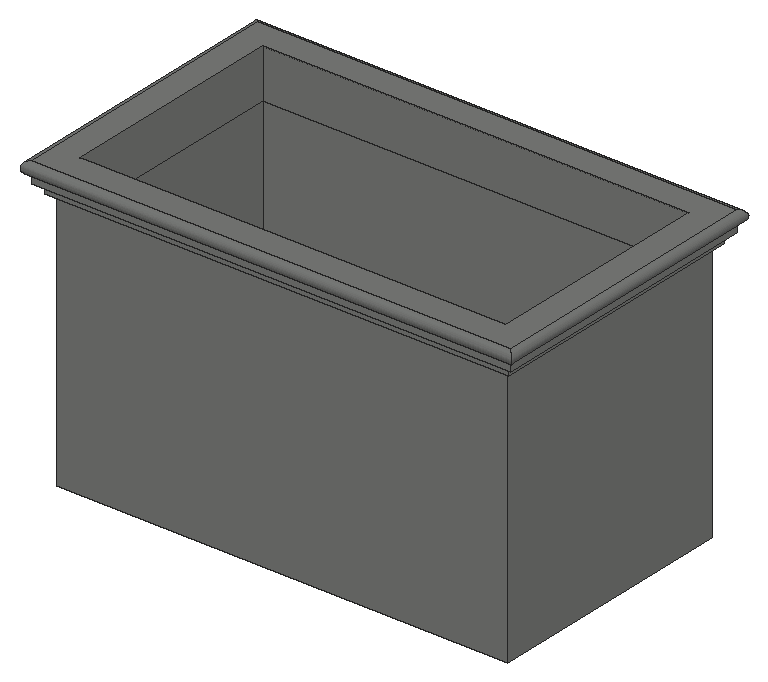
Revit family "Specialty_Equipment-Fiberglass_Planter-Planters_Unlimited-Tuscana Rectangular & Square", category Specialty Equipment, Revit 2023
Family settings
  Round Connector Dimension = Use Diameter
  Part Type = Normal
  OmniClass Number = 23.40.05.21.17
  OmniClass Title = Planters
  Work Plane-Based = No
  Enable Cutting in Views = No
  Always vertical = Yes
  Cut with Voids When Loaded = No
  Maintain Annotation Orientation = No
  Shared = No
  Room Calculation Point = No
Parameters (values of type "30"L x 18"W x 18"H")
  URL = "https://www.plantersunlimited.com"
  Type Comments = if(CD_Length = CD_Width, "Square Planter", "Rectangular Planter")  # "Rectangular Planter"
  Model = "Tuscana Series Planter"  # constant formula
  Manufacturer = "Planters Unlimited"  # constant formula
  Description = if(CD_Length = CD_Width, "Tuscana Square Planter", "Tuscana Rectangular Planter")  # "Tuscana Rectangular Planter"
  Default Elevation = 0.0"
  CD_Width = 18.0"
  CD_Specification = "https://www.plantersunlimited.com/content/Planters/F1-TUS-REC.pdf"
  CD_Product Page URL = "https://www.plantersunlimited.com/classic-rectangular-planter/"
  CD_Product Name [instance] = "Tuscana Planter"  # constant formula
  CD_Pad Spacing = 4.95"
  CD_Pad Size = 3.0"  # constant formula
  CD_OD = 0.37606"
  CD_Microsite = "https://www.caddetails.com/3404"
  CD_Height = 18.0"
  CD_Finish = Plastic-Fiberglass-Carlsbad-Semi_Gloss-Charcoal
  CD_Length = 30.0"
  CD_Divider Thickness = 0.39"
  CD_Divider = CD_Length > 50.0"  # no
  CD_Created By = "CADdetails LTD. 2025"  # constant formula
  Assembly Code = "G2050600"
Reference planes (in)
  plane 1 "Center (Front/Back)": y = 0
  plane 2: z = 0
  plane 3 "Center (Left/Right)": x = 0
  plane 4 "Right": x = 15
  plane 5 "Left": x = -15
  plane 6 "Back": y = 9
  plane 7 "Front": y = -9
  plane 8 "Top": z = 18
  plane 9 "Bottom": z = 0
  plane 10 "Bottom of Planter": z = 0.125
  plane 11 "Pad": z = 0.125
  plane 12 "Lip": y = 7
  plane 13 "Lip Depth": z = 15
  plane 14 "Pad1,2": x = -11.3
  plane 15 "Pad Back": y = 5.3
  plane 16 "Pad1,3": x = 0
  plane 17 "Pad1,4": x = 0
  plane 18 "Pad1,5": x = 0
  plane 19 "Pad5,6": x = 11.3
  plane 20 "Pad Front": y = -5.3
  plane 21 "Inner wall": y = 7.2
  plane 22 "Base Plate": z = 1
  plane 23: z = 1
  plane 24 "Base of the wall": z = 1
  plane 25 "Pad 3,4": x = 0
  plane 26 "Outer wall": y = 7.77322
  plane 27 "Design work": z = 16.17678
  plane 28 "Divider Edge Top Front": y = -7
  plane 29 "Divider Edge Top Back": y = 7
  plane 30 "Divider EdgevMiddle Front": y = -7.2
  plane 31 "Divider Edge Middle Back": y = 7.2
  plane 32 "Base of the Divider": z = 0.75
  plane 33 "Divider Depth": z = 15
  plane 34 "Divider Edge Left": x = -0.195
  plane 35 "Divider Edge Right": x = 0.195
Forms (in)
  Sweep 1, solid, material "Plastic-Fiberglass-Carlsbad-Semi_Gloss-Charcoal" <- "CD_Finish"
    path origin (0, 0, 0.125) x (-1, 0, 0) y (0, -1, 0)
      loop
        line (15, -9) -> (15, 9) -> (-15, 9) -> (-15, -9) -> (15, -9)
    profile origin (0, 9, 0.125) x (0, 1, 0) y (0, 0, 1)
      loop
        line (-2, 14.875) -> (-1.8, 14.875) -> (-1.8, 0) -> (-1.22678, 0) -> (-1.22678, 16.05178) -> (-0.8, 16.05178) -> (-0.8, 16.625) -> (-0.34669, 16.625) -> (-0.34669, 17.12288)
        arc (-0.34669, 17.12288) -> (0.02937, 17.49894) -> (-0.34669, 17.875) r 0.37606
        line (-0.34669, 17.875) -> (-2, 17.875) -> (-2, 14.875)
  Extrusion 2, solid, material "Plastic-Fiberglass-Carlsbad-Semi_Gloss-Charcoal" <- "CD_Finish"
    sketch origin (0, 0, 0.125) x (-1, 0, 0) y (0, -1, 0)
      loop
        line (13.5, -7.5) -> (13.5, 7.5) -> (-13.5, 7.5) -> (-13.5, -7.5) -> (13.5, -7.5)
    from 0 to 0.875
  Extrusion 3, solid, material "Plastic-Fiberglass-Carlsbad-Semi_Gloss-Charcoal" <- "CD_Finish"
    sketch origin (0, 0, 18) x (-1, 0, 0) y (0, -1, 0)
      loop
        line (12.8, -6.8) -> (12.8, -3.8) -> (9.8, -3.8) -> (9.8, -6.8) -> (12.8, -6.8)
    from -18 to -17.875
  Extrusion 4, solid, material "Plastic-Fiberglass-Carlsbad-Semi_Gloss-Charcoal" <- "CD_Finish"
    sketch origin (0, 0, 18) x (-1, 0, 0) y (0, -1, 0)
      loop
        line (1.5, -6.8) -> (1.5, -3.8) -> (-1.5, -3.8) -> (-1.5, -6.8) -> (1.5, -6.8)
    from -18 to -17.875
  Extrusion 5, solid, material "Plastic-Fiberglass-Carlsbad-Semi_Gloss-Charcoal" <- "CD_Finish"
    sketch origin (0, 0, 18) x (-1, 0, 0) y (0, -1, 0)
      loop
        line (-9.8, -6.8) -> (-9.8, -3.8) -> (-12.8, -3.8) -> (-12.8, -6.8) -> (-9.8, -6.8)
    from -18 to -17.875
  Extrusion 6, solid, material "Plastic-Fiberglass-Carlsbad-Semi_Gloss-Charcoal" <- "CD_Finish"
    sketch origin (0, 0, 18) x (-1, 0, 0) y (0, -1, 0)
      loop
        line (12.8, 6.8) -> (9.8, 6.8) -> (9.8, 3.8) -> (12.8, 3.8) -> (12.8, 6.8)
    from -18 to -17.875
  Extrusion 7, solid, material "Plastic-Fiberglass-Carlsbad-Semi_Gloss-Charcoal" <- "CD_Finish"
    sketch origin (0, 0, 18) x (-1, 0, 0) y (0, -1, 0)
      loop
        line (1.5, 6.8) -> (-1.5, 6.8) -> (-1.5, 3.8) -> (1.5, 3.8) -> (1.5, 6.8)
    from -18 to -17.875
  Extrusion 8, solid, material "Plastic-Fiberglass-Carlsbad-Semi_Gloss-Charcoal" <- "CD_Finish"
    sketch origin (0, 0, 18) x (-1, 0, 0) y (0, -1, 0)
      loop
        line (-9.8, 6.8) -> (-12.8, 6.8) -> (-12.8, 3.8) -> (-9.8, 3.8) -> (-9.8, 6.8)
    from -18 to -17.875
  Extrusion 9, solid, material "Plastic-Fiberglass-Carlsbad-Semi_Gloss-Charcoal" <- "CD_Finish", visible <- "CD_Divider", detail levels fine
    sketch origin (0, 0, 0) x (0, 1, 0) y (0, 0, 1)
      loop
        line (-7, 18) -> (-7, 15) -> (-7.2, 15) -> (-7.2, 1) -> (-7.2, 0.75) -> (7.2, 0.75) -> (7.2, 15) -> (7, 15) -> (7, 18) -> (-7, 18)
    from -0.195 to 0.195
Dimensions and locks (in)
  plane 10 "Bottom of Planter" to level = 0.125"
  plane 7 "Front" to plane 6 "Back" = 18.0"
  plane 7 "Front" to plane 1 "Center (Front/Back)" to plane 6 "Back" = 9.0", 9.0"
  locked: plane 6 "Back" to plane 12 "Lip" at 2
  locked: plane 8 "Top" to plane 13 "Lip Depth" at 3
  "CD_Length": plane 5 "Left" to plane 4 "Right"
  equal spacing: plane 5 "Left", plane 3 "Center (Left/Right)", plane 4 "Right"
  "CD_Width": plane 6 "Back" to plane 7 "Front"
  equal spacing: plane 6 "Back", plane 1 "Center (Front/Back)", plane 7 "Front"
  plane 5 "Left" to plane 14 "Pad1,2" = 3.7"
  locked: plane 6 "Back" to plane 15 "Pad Back" at 3.7
  "CD_Pad Size": Extrusion 3 sketch curve to Extrusion 3 sketch curve  (x2)
  equal spacing: Extrusion 3 sketch curve, plane 14 "Pad1,2", Extrusion 3 sketch curve, locked at 1.5 each
  equal spacing: Extrusion 3 sketch curve, plane 15 "Pad Back", Extrusion 3 sketch curve, locked at 1.5 each
  "CD_Pad Size": Extrusion 4 sketch curve to Extrusion 4 sketch curve  (x2)
  "CD_Pad Size": Extrusion 5 sketch curve to Extrusion 5 sketch curve  (x2)
  plane 19 "Pad5,6" to plane 4 "Right" = 3.7"
  locked: plane 20 "Pad Front" to plane 7 "Front" at 3.7
  "CD_Pad Size": Extrusion 6 sketch curve to Extrusion 6 sketch curve  (x2)
  "CD_Pad Size": Extrusion 7 sketch curve to Extrusion 7 sketch curve  (x2)
  "CD_Pad Size": Extrusion 8 sketch curve to Extrusion 8 sketch curve  (x2)
  plane 6 "Back" to plane 15 "Pad Back" = 3.7"
  plane 5 "Left" to plane 4 "Right" = 30.0"
  plane 8 "Top" to level = 18.0"  (x2)
  "CD_Height": plane 8 "Top" to level
  locked: plane 6 "Back" to plane 21 "Inner wall" at 1.8
  locked: plane 24 "Base of the wall" to level at 1
  locked: level to plane 11 "Pad" at 0.125
  plane 24 "Base of the wall" to level = 1.0"
  plane 8 "Top" to Sweep 1 = 3.0"
  plane 6 "Back" to Extrusion 3 sketch curve = 2.2"
  plane 5 "Left" to Extrusion 3 sketch curve = 2.2"
  equal spacing: Extrusion 4 sketch curve, plane 25 "Pad 3,4", Extrusion 4 sketch curve, locked at 1.5 each
  equal spacing: Extrusion 4 sketch curve, plane 15 "Pad Back", Extrusion 4 sketch curve, locked at 1.5 each
  plane 6 "Back" to Extrusion 4 sketch curve = 2.2"
  equal spacing: Extrusion 5 sketch curve, plane 19 "Pad5,6", Extrusion 5 sketch curve, locked at 1.5 each
  equal spacing: Extrusion 5 sketch curve, plane 15 "Pad Back", Extrusion 5 sketch curve, locked at 1.5 each
  plane 6 "Back" to Extrusion 5 sketch curve = 2.2"
  Extrusion 5 sketch curve to plane 4 "Right" = 2.2"
  equal spacing: Extrusion 8 sketch curve, plane 20 "Pad Front", Extrusion 8 sketch curve, locked at 1.5 each
  equal spacing: Extrusion 8 sketch curve, plane 19 "Pad5,6", Extrusion 8 sketch curve, locked at 1.5 each
  Extrusion 8 sketch curve to plane 7 "Front" = 2.2"
  Extrusion 8 sketch curve to plane 4 "Right" = 2.2"
  equal spacing: Extrusion 7 sketch curve, plane 25 "Pad 3,4", Extrusion 7 sketch curve, locked at 1.5 each
  equal spacing: Extrusion 7 sketch curve, plane 20 "Pad Front", Extrusion 7 sketch curve, locked at 1.5 each
  Extrusion 7 sketch curve to plane 7 "Front" = 2.2"
  equal spacing: Extrusion 6 sketch curve, plane 14 "Pad1,2", Extrusion 6 sketch curve, locked at 1.5 each
  equal spacing: Extrusion 6 sketch curve, plane 20 "Pad Front", Extrusion 6 sketch curve, locked at 1.5 each
  plane 5 "Left" to Extrusion 6 sketch curve = 2.2"
  Extrusion 6 sketch curve to plane 7 "Front" = 2.2"
  plane 20 "Pad Front" to plane 7 "Front" = 3.7"
  locked: plane 6 "Back" to Extrusion 2 sketch curve at 1.5
  locked: Extrusion 2 sketch curve to plane 7 "Front" at 1.5
  locked: plane 5 "Left" to Extrusion 2 sketch curve at 1.5
  locked: Extrusion 2 sketch curve to plane 4 "Right" at 1.5
  locked: plane 26 "Outer wall" to plane 6 "Back" at 1.22678
  locked: plane 8 "Top" to plane 27 "Design work" at 1.82322
  locked: plane 7 "Front" to plane 28 "Divider Edge Top Front" at 2
  locked: plane 29 "Divider Edge Top Back" to plane 6 "Back" at 2
  locked: plane 7 "Front" to plane 30 "Divider EdgevMiddle Front" at 1.8
  locked: plane 31 "Divider Edge Middle Back" to plane 6 "Back" at 1.8
  locked: plane 32 "Base of the Divider" to level at 0.75
  locked: plane 8 "Top" to plane 33 "Divider Depth" at 3
  equal spacing: plane 34 "Divider Edge Left", plane 3 "Center (Left/Right)", plane 35 "Divider Edge Right"
  locked: Sweep 1 sketch curve to plane 27 "Design work" at 0.57322
  locked: plane 26 "Outer wall" to Sweep 1 sketch curve at 0.88008
  locked: plane 26 "Outer wall" to Sweep 1 sketch curve at 0.42678
  "CD_Divider Thickness": plane 34 "Divider Edge Left" to plane 35 "Divider Edge Right"
  "CD_OD": radius of Sweep 1 sketch curve
  aligned and locked: plane 2 to level
  aligned and locked: plane 13 "Lip Depth" to Sweep 1 sketch curve
  aligned and locked: Extrusion 6 to plane 9 "Bottom"
  aligned and locked: Extrusion 7 to plane 9 "Bottom"
  aligned and locked: Extrusion 8 to plane 9 "Bottom"
  aligned and locked: Extrusion 6 to plane 10 "Bottom of Planter"
  aligned and locked: Extrusion 7 to plane 10 "Bottom of Planter"
  aligned and locked: Extrusion 8 to Extrusion 2
  aligned and locked: Extrusion 5 to plane 9 "Bottom"
  aligned and locked: Extrusion 4 to plane 9 "Bottom"
  aligned and locked: Extrusion 3 to plane 9 "Bottom"
  aligned and locked: Extrusion 5 to plane 10 "Bottom of Planter"
  aligned and locked: Extrusion 4 to plane 11 "Pad"
  aligned and locked: Extrusion 3 to plane 11 "Pad"
  aligned and locked: Extrusion 4 to plane 10 "Bottom of Planter"
  aligned and locked: Extrusion 2 to plane 24 "Base of the wall"
  aligned and locked: Sweep 1 sketch curve to profile plane
  aligned and locked: plane 26 "Outer wall" to Sweep 1 sketch curve
  aligned and locked: Sweep 1 sketch curve to plane 8 "Top"
  aligned and locked: plane 27 "Design work" to Sweep 1 sketch curve
  aligned and locked: Extrusion 9 sketch curve to plane 28 "Divider Edge Top Front"
  aligned and locked: plane 31 "Divider Edge Middle Back" to Extrusion 9 sketch curve
  aligned and locked: Extrusion 9 sketch curve to plane 30 "Divider EdgevMiddle Front"
  aligned and locked: Extrusion 9 sketch curve to plane 32 "Base of the Divider"
  aligned and locked: plane 8 "Top" to Extrusion 9 sketch curve
  aligned and locked: plane 33 "Divider Depth" to Extrusion 9 sketch curve  (x3)
  aligned and locked: Extrusion 9 to plane 34 "Divider Edge Left"
  aligned and locked: Extrusion 9 to plane 35 "Divider Edge Right"
  aligned and locked: plane 12 "Lip" to Sweep 1 sketch curve  (x2)
  aligned and locked: Sweep 1 to Extrusion 2
Automatic sketch dimensions
  Sweep 1 sketch curve to plane 4 "Right" = 0.0"
  Sweep 1 sketch curve to plane 5 "Left" = 0.0"
  Sweep 1 sketch curve to plane 6 "Back" = 0.0"
  Sweep 1 sketch curve to plane 7 "Front" = 0.0"
  Extrusion 9 sketch curve to plane 23 = 0.0"
  Sweep 1 sketch curve to plane 21 "Inner wall" = 0.0"
  Sweep 1 sketch curve to plane 13 "Lip Depth" = 0.0"
  Extrusion 9 sketch curve to plane 29 "Divider Edge Top Back" = 0.0"
Types in the file's own list only (419): name | Type Comments | Description | CD_Width | CD_Pad Spacing | CD_OD | CD_Height | CD_Length | CD_Divider Thickness | CD_Divider
  30"L x 18"W x 24"H | "Rectangular Planter" | "Tuscana Rectangular Planter" | 18.0" | 5.0" | 0.4" | 24.0" | 30.0" | 0.4" | No
  30"L x 18"W x 30"H | "Rectangular Planter" | "Tuscana Rectangular Planter" | 18.0" | 5.0" | 0.4" | 30.0" | 30.0" | 0.4" | No
  30"L x 18"W x 36"H | "Rectangular Planter" | "Tuscana Rectangular Planter" | 18.0" | 5.0" | 0.4" | 36.0" | 30.0" | 0.4" | No
  30"L x 18"W x 42"H | "Rectangular Planter" | "Tuscana Rectangular Planter" | 18.0" | 5.0" | 0.4" | 42.0" | 30.0" | 0.4" | No
  30"L x 18"W x 48"H | "Rectangular Planter" | "Tuscana Rectangular Planter" | 18.0" | 5.0" | 0.4" | 48.0" | 30.0" | 0.4" | No
  30"L x 24"W x 18"H | "Rectangular Planter" | "Tuscana Rectangular Planter" | 24.0" | 5.0" | 0.4" | 18.0" | 30.0" | 0.4" | No
  30"L x 24"W x 24"H | "Rectangular Planter" | "Tuscana Rectangular Planter" | 24.0" | 5.0" | 0.4" | 24.0" | 30.0" | 0.4" | No
  30"L x 24"W x 30"H | "Rectangular Planter" | "Tuscana Rectangular Planter" | 24.0" | 5.0" | 0.4" | 30.0" | 30.0" | 0.4" | No
  30"L x 24"W x 36"H | "Rectangular Planter" | "Tuscana Rectangular Planter" | 24.0" | 5.0" | 0.4" | 36.0" | 30.0" | 0.4" | No
  30"L x 24"W x 42"H | "Rectangular Planter" | "Tuscana Rectangular Planter" | 24.0" | 5.0" | 0.4" | 42.0" | 30.0" | 0.4" | No
  30"L x 24"W x 48"H | "Rectangular Planter" | "Tuscana Rectangular Planter" | 24.0" | 5.0" | 0.4" | 48.0" | 30.0" | 0.4" | No
  30"L x 30"W x 18"H | "Square Planter" | "Tuscana Square Planter" | 30.0" | 5.0" | 0.4" | 18.0" | 30.0" | 0.4" | No
  30"L x 30"W x 24"H | "Square Planter" | "Tuscana Square Planter" | 30.0" | 5.0" | 0.4" | 24.0" | 30.0" | 0.4" | No
  30"L x 30"W x 30"H | "Square Planter" | "Tuscana Square Planter" | 30.0" | 5.0" | 0.4" | 30.0" | 30.0" | 0.4" | No
  30"L x 30"W x 36"H | "Square Planter" | "Tuscana Square Planter" | 30.0" | 5.0" | 0.4" | 36.0" | 30.0" | 0.4" | No
  30"L x 30"W x 42"H | "Square Planter" | "Tuscana Square Planter" | 30.0" | 5.0" | 0.4" | 42.0" | 30.0" | 0.4" | No
  30"L x 30"W x 48"H | "Square Planter" | "Tuscana Square Planter" | 30.0" | 5.0" | 0.4" | 48.0" | 30.0" | 0.4" | No
  30"L x 36"W x 18"H | "Rectangular Planter" | "Tuscana Rectangular Planter" | 36.0" | 5.0" | 0.4" | 18.0" | 30.0" | 0.4" | No
  30"L x 36"W x 24"H | "Rectangular Planter" | "Tuscana Rectangular Planter" | 36.0" | 5.0" | 0.4" | 24.0" | 30.0" | 0.4" | No
  30"L x 36"W x 30"H | "Rectangular Planter" | "Tuscana Rectangular Planter" | 36.0" | 5.0" | 0.4" | 30.0" | 30.0" | 0.4" | No
  30"L x 36"W x 36"H | "Rectangular Planter" | "Tuscana Rectangular Planter" | 36.0" | 5.0" | 0.4" | 36.0" | 30.0" | 0.4" | No
  30"L x 36"W x 42"H | "Rectangular Planter" | "Tuscana Rectangular Planter" | 36.0" | 5.0" | 0.4" | 42.0" | 30.0" | 0.4" | No
  30"L x 36"W x 48"H | "Rectangular Planter" | "Tuscana Rectangular Planter" | 36.0" | 5.0" | 0.4" | 48.0" | 30.0" | 0.4" | No
  30"L x 42"W x 18"H | "Rectangular Planter" | "Tuscana Rectangular Planter" | 42.0" | 5.0" | 0.4" | 18.0" | 30.0" | 0.4" | No
  30"L x 42"W x 24"H | "Rectangular Planter" | "Tuscana Rectangular Planter" | 42.0" | 5.0" | 0.4" | 24.0" | 30.0" | 0.4" | No
  30"L x 42"W x 30"H | "Rectangular Planter" | "Tuscana Rectangular Planter" | 42.0" | 5.0" | 0.4" | 30.0" | 30.0" | 0.4" | No
  30"L x 42"W x 36"H | "Rectangular Planter" | "Tuscana Rectangular Planter" | 42.0" | 5.0" | 0.4" | 36.0" | 30.0" | 0.4" | No
  30"L x 42"W x 42"H | "Rectangular Planter" | "Tuscana Rectangular Planter" | 42.0" | 5.0" | 0.4" | 42.0" | 30.0" | 0.4" | No
  30"L x 42"W x 48"H | "Rectangular Planter" | "Tuscana Rectangular Planter" | 42.0" | 5.0" | 0.4" | 48.0" | 30.0" | 0.4" | No
  36"L x 18"W x 18"H | "Rectangular Planter" | "Tuscana Rectangular Planter" | 18.0" | 5.0" | 0.4" | 18.0" | 36.0" | 0.4" | No
  36"L x 18"W x 24"H | "Rectangular Planter" | "Tuscana Rectangular Planter" | 18.0" | 5.0" | 0.4" | 24.0" | 36.0" | 0.4" | No
  36"L x 18"W x 30"H | "Rectangular Planter" | "Tuscana Rectangular Planter" | 18.0" | 5.0" | 0.4" | 30.0" | 36.0" | 0.4" | No
  36"L x 18"W x 36"H | "Rectangular Planter" | "Tuscana Rectangular Planter" | 18.0" | 5.0" | 0.4" | 36.0" | 36.0" | 0.4" | No
  36"L x 18"W x 42"H | "Rectangular Planter" | "Tuscana Rectangular Planter" | 18.0" | 5.0" | 0.4" | 42.0" | 36.0" | 0.4" | No
  36"L x 18"W x 48"H | "Rectangular Planter" | "Tuscana Rectangular Planter" | 18.0" | 5.0" | 0.4" | 48.0" | 36.0" | 0.4" | No
  36"L x 24"W x 18"H | "Rectangular Planter" | "Tuscana Rectangular Planter" | 24.0" | 5.0" | 0.4" | 18.0" | 36.0" | 0.4" | No
  36"L x 24"W x 24"H | "Rectangular Planter" | "Tuscana Rectangular Planter" | 24.0" | 5.0" | 0.4" | 24.0" | 36.0" | 0.4" | No
  36"L x 24"W x 30"H | "Rectangular Planter" | "Tuscana Rectangular Planter" | 24.0" | 5.0" | 0.4" | 30.0" | 36.0" | 0.4" | No
  36"L x 24"W x 36"H | "Rectangular Planter" | "Tuscana Rectangular Planter" | 24.0" | 5.0" | 0.4" | 36.0" | 36.0" | 0.4" | No
  36"L x 24"W x 42"H | "Rectangular Planter" | "Tuscana Rectangular Planter" | 24.0" | 5.0" | 0.4" | 42.0" | 36.0" | 0.4" | No
  36"L x 24"W x 48"H | "Rectangular Planter" | "Tuscana Rectangular Planter" | 24.0" | 5.0" | 0.4" | 48.0" | 36.0" | 0.4" | No
  36"L x 30"W x 18"H | "Rectangular Planter" | "Tuscana Rectangular Planter" | 30.0" | 5.0" | 0.4" | 18.0" | 36.0" | 0.4" | No
  36"L x 30"W x 24"H | "Rectangular Planter" | "Tuscana Rectangular Planter" | 30.0" | 5.0" | 0.4" | 24.0" | 36.0" | 0.4" | No
  36"L x 30"W x 30"H | "Rectangular Planter" | "Tuscana Rectangular Planter" | 30.0" | 5.0" | 0.4" | 30.0" | 36.0" | 0.4" | No
  36"L x 30"W x 36"H | "Rectangular Planter" | "Tuscana Rectangular Planter" | 30.0" | 5.0" | 0.4" | 36.0" | 36.0" | 0.4" | No
  36"L x 30"W x 42"H | "Rectangular Planter" | "Tuscana Rectangular Planter" | 30.0" | 5.0" | 0.4" | 42.0" | 36.0" | 0.4" | No
  36"L x 30"W x 48"H | "Rectangular Planter" | "Tuscana Rectangular Planter" | 30.0" | 5.0" | 0.4" | 48.0" | 36.0" | 0.4" | No
  36"L x 36"W x 18"H | "Square Planter" | "Tuscana Square Planter" | 36.0" | 5.0" | 0.4" | 18.0" | 36.0" | 0.4" | No
  36"L x 36"W x 24"H | "Square Planter" | "Tuscana Square Planter" | 36.0" | 5.0" | 0.4" | 24.0" | 36.0" | 0.4" | No
  36"L x 36"W x 30"H | "Square Planter" | "Tuscana Square Planter" | 36.0" | 5.0" | 0.4" | 30.0" | 36.0" | 0.4" | No
  36"L x 36"W x 36"H | "Square Planter" | "Tuscana Square Planter" | 36.0" | 5.0" | 0.4" | 36.0" | 36.0" | 0.4" | No
  36"L x 36"W x 42"H | "Square Planter" | "Tuscana Square Planter" | 36.0" | 5.0" | 0.4" | 42.0" | 36.0" | 0.4" | No
  36"L x 36"W x 48"H | "Square Planter" | "Tuscana Square Planter" | 36.0" | 5.0" | 0.4" | 48.0" | 36.0" | 0.4" | No
  36"L x 42"W x 18"H | "Rectangular Planter" | "Tuscana Rectangular Planter" | 42.0" | 5.0" | 0.4" | 18.0" | 36.0" | 0.4" | No
  36"L x 42"W x 24"H | "Rectangular Planter" | "Tuscana Rectangular Planter" | 42.0" | 5.0" | 0.4" | 24.0" | 36.0" | 0.4" | No
  36"L x 42"W x 30"H | "Rectangular Planter" | "Tuscana Rectangular Planter" | 42.0" | 5.0" | 0.4" | 30.0" | 36.0" | 0.4" | No
  36"L x 42"W x 36"H | "Rectangular Planter" | "Tuscana Rectangular Planter" | 42.0" | 5.0" | 0.4" | 36.0" | 36.0" | 0.4" | No
  36"L x 42"W x 42"H | "Rectangular Planter" | "Tuscana Rectangular Planter" | 42.0" | 5.0" | 0.4" | 42.0" | 36.0" | 0.4" | No
  36"L x 42"W x 48"H | "Rectangular Planter" | "Tuscana Rectangular Planter" | 42.0" | 5.0" | 0.4" | 48.0" | 36.0" | 0.4" | No
  42"L x 18"W x 18"H | "Rectangular Planter" | "Tuscana Rectangular Planter" | 18.0" | 5.0" | 0.4" | 18.0" | 42.0" | 0.4" | No
  42"L x 18"W x 24"H | "Rectangular Planter" | "Tuscana Rectangular Planter" | 18.0" | 5.0" | 0.4" | 24.0" | 42.0" | 0.4" | No
  42"L x 18"W x 30"H | "Rectangular Planter" | "Tuscana Rectangular Planter" | 18.0" | 5.0" | 0.4" | 30.0" | 42.0" | 0.4" | No
  42"L x 18"W x 36"H | "Rectangular Planter" | "Tuscana Rectangular Planter" | 18.0" | 5.0" | 0.4" | 36.0" | 42.0" | 0.4" | No
  42"L x 18"W x 42"H | "Rectangular Planter" | "Tuscana Rectangular Planter" | 18.0" | 5.0" | 0.4" | 42.0" | 42.0" | 0.4" | No
  42"L x 18"W x 48"H | "Rectangular Planter" | "Tuscana Rectangular Planter" | 18.0" | 5.0" | 0.4" | 48.0" | 42.0" | 0.4" | No
  42"L x 24"W x 18"H | "Rectangular Planter" | "Tuscana Rectangular Planter" | 24.0" | 5.0" | 0.4" | 18.0" | 42.0" | 0.4" | No
  42"L x 24"W x 24"H | "Rectangular Planter" | "Tuscana Rectangular Planter" | 24.0" | 5.0" | 0.4" | 24.0" | 42.0" | 0.4" | No
  42"L x 24"W x 30"H | "Rectangular Planter" | "Tuscana Rectangular Planter" | 24.0" | 5.0" | 0.4" | 30.0" | 42.0" | 0.4" | No
  42"L x 24"W x 36"H | "Rectangular Planter" | "Tuscana Rectangular Planter" | 24.0" | 5.0" | 0.4" | 36.0" | 42.0" | 0.4" | No
  42"L x 24"W x 42"H | "Rectangular Planter" | "Tuscana Rectangular Planter" | 24.0" | 5.0" | 0.4" | 42.0" | 42.0" | 0.4" | No
  42"L x 24"W x 48"H | "Rectangular Planter" | "Tuscana Rectangular Planter" | 24.0" | 5.0" | 0.4" | 48.0" | 42.0" | 0.4" | No
  42"L x 30"W x 18"H | "Rectangular Planter" | "Tuscana Rectangular Planter" | 30.0" | 5.0" | 0.4" | 18.0" | 42.0" | 0.4" | No
  42"L x 30"W x 24"H | "Rectangular Planter" | "Tuscana Rectangular Planter" | 30.0" | 5.0" | 0.4" | 24.0" | 42.0" | 0.4" | No
  42"L x 30"W x 30"H | "Rectangular Planter" | "Tuscana Rectangular Planter" | 30.0" | 5.0" | 0.4" | 30.0" | 42.0" | 0.4" | No
  42"L x 30"W x 36"H | "Rectangular Planter" | "Tuscana Rectangular Planter" | 30.0" | 5.0" | 0.4" | 36.0" | 42.0" | 0.4" | No
  42"L x 30"W x 42"H | "Rectangular Planter" | "Tuscana Rectangular Planter" | 30.0" | 5.0" | 0.4" | 42.0" | 42.0" | 0.4" | No
  42"L x 30"W x 48"H | "Rectangular Planter" | "Tuscana Rectangular Planter" | 30.0" | 5.0" | 0.4" | 48.0" | 42.0" | 0.4" | No
  42"L x 36"W x 18"H | "Rectangular Planter" | "Tuscana Rectangular Planter" | 36.0" | 5.0" | 0.4" | 18.0" | 42.0" | 0.4" | No
  42"L x 36"W x 24"H | "Rectangular Planter" | "Tuscana Rectangular Planter" | 36.0" | 5.0" | 0.4" | 24.0" | 42.0" | 0.4" | No
  42"L x 36"W x 30"H | "Rectangular Planter" | "Tuscana Rectangular Planter" | 36.0" | 5.0" | 0.4" | 30.0" | 42.0" | 0.4" | No
  42"L x 36"W x 36"H | "Rectangular Planter" | "Tuscana Rectangular Planter" | 36.0" | 5.0" | 0.4" | 36.0" | 42.0" | 0.4" | No
  42"L x 36"W x 42"H | "Rectangular Planter" | "Tuscana Rectangular Planter" | 36.0" | 5.0" | 0.4" | 42.0" | 42.0" | 0.4" | No
  42"L x 36"W x 48"H | "Rectangular Planter" | "Tuscana Rectangular Planter" | 36.0" | 5.0" | 0.4" | 48.0" | 42.0" | 0.4" | No
  42"L x 42"W x 18"H | "Square Planter" | "Tuscana Square Planter" | 42.0" | 5.0" | 0.4" | 18.0" | 42.0" | 0.4" | No
  42"L x 42"W x 24"H | "Square Planter" | "Tuscana Square Planter" | 42.0" | 5.0" | 0.4" | 24.0" | 42.0" | 0.4" | No
  42"L x 42"W x 30"H | "Square Planter" | "Tuscana Square Planter" | 42.0" | 5.0" | 0.4" | 30.0" | 42.0" | 0.4" | No
  42"L x 42"W x 36"H | "Square Planter" | "Tuscana Square Planter" | 42.0" | 5.0" | 0.4" | 36.0" | 42.0" | 0.4" | No
  42"L x 42"W x 42"H | "Square Planter" | "Tuscana Square Planter" | 42.0" | 5.0" | 0.4" | 42.0" | 42.0" | 0.4" | No
  42"L x 42"W x 48"H | "Square Planter" | "Tuscana Square Planter" | 42.0" | 5.0" | 0.4" | 48.0" | 42.0" | 0.4" | No
  48"L x 18"W x 18"H | "Rectangular Planter" | "Tuscana Rectangular Planter" | 18.0" | 5.0" | 0.4" | 18.0" | 48.0" | 0.4" | No
  48"L x 18"W x 24"H | "Rectangular Planter" | "Tuscana Rectangular Planter" | 18.0" | 5.0" | 0.4" | 24.0" | 48.0" | 0.4" | No
  48"L x 18"W x 30"H | "Rectangular Planter" | "Tuscana Rectangular Planter" | 18.0" | 5.0" | 0.4" | 30.0" | 48.0" | 0.4" | No
  48"L x 18"W x 36"H | "Rectangular Planter" | "Tuscana Rectangular Planter" | 18.0" | 5.0" | 0.4" | 36.0" | 48.0" | 0.4" | No
  48"L x 18"W x 42"H | "Rectangular Planter" | "Tuscana Rectangular Planter" | 18.0" | 5.0" | 0.4" | 42.0" | 48.0" | 0.4" | No
  48"L x 18"W x 48"H | "Rectangular Planter" | "Tuscana Rectangular Planter" | 18.0" | 5.0" | 0.4" | 48.0" | 48.0" | 0.4" | No
  48"L x 24"W x 18"H | "Rectangular Planter" | "Tuscana Rectangular Planter" | 24.0" | 5.0" | 0.4" | 18.0" | 48.0" | 0.4" | No
  48"L x 24"W x 24"H | "Rectangular Planter" | "Tuscana Rectangular Planter" | 24.0" | 5.0" | 0.4" | 24.0" | 48.0" | 0.4" | No
  48"L x 24"W x 30"H | "Rectangular Planter" | "Tuscana Rectangular Planter" | 24.0" | 5.0" | 0.4" | 30.0" | 48.0" | 0.4" | No
  48"L x 24"W x 36"H | "Rectangular Planter" | "Tuscana Rectangular Planter" | 24.0" | 5.0" | 0.4" | 36.0" | 48.0" | 0.4" | No
  48"L x 24"W x 42"H | "Rectangular Planter" | "Tuscana Rectangular Planter" | 24.0" | 5.0" | 0.4" | 42.0" | 48.0" | 0.4" | No
  48"L x 24"W x 48"H | "Rectangular Planter" | "Tuscana Rectangular Planter" | 24.0" | 5.0" | 0.4" | 48.0" | 48.0" | 0.4" | No
  48"L x 30"W x 18"H | "Rectangular Planter" | "Tuscana Rectangular Planter" | 30.0" | 5.0" | 0.4" | 18.0" | 48.0" | 0.4" | No
  48"L x 30"W x 24"H | "Rectangular Planter" | "Tuscana Rectangular Planter" | 30.0" | 5.0" | 0.4" | 24.0" | 48.0" | 0.4" | No
  48"L x 30"W x 30"H | "Rectangular Planter" | "Tuscana Rectangular Planter" | 30.0" | 5.0" | 0.4" | 30.0" | 48.0" | 0.4" | No
  48"L x 30"W x 36"H | "Rectangular Planter" | "Tuscana Rectangular Planter" | 30.0" | 5.0" | 0.4" | 36.0" | 48.0" | 0.4" | No
  48"L x 30"W x 42"H | "Rectangular Planter" | "Tuscana Rectangular Planter" | 30.0" | 5.0" | 0.4" | 42.0" | 48.0" | 0.4" | No
  48"L x 30"W x 48"H | "Rectangular Planter" | "Tuscana Rectangular Planter" | 30.0" | 5.0" | 0.4" | 48.0" | 48.0" | 0.4" | No
  48"L x 36"W x 18"H | "Rectangular Planter" | "Tuscana Rectangular Planter" | 36.0" | 5.0" | 0.4" | 18.0" | 48.0" | 0.4" | No
  48"L x 36"W x 24"H | "Rectangular Planter" | "Tuscana Rectangular Planter" | 36.0" | 5.0" | 0.4" | 24.0" | 48.0" | 0.4" | No
  48"L x 36"W x 30"H | "Rectangular Planter" | "Tuscana Rectangular Planter" | 36.0" | 5.0" | 0.4" | 30.0" | 48.0" | 0.4" | No
  48"L x 36"W x 36"H | "Rectangular Planter" | "Tuscana Rectangular Planter" | 36.0" | 5.0" | 0.4" | 36.0" | 48.0" | 0.4" | No
  48"L x 36"W x 42"H | "Rectangular Planter" | "Tuscana Rectangular Planter" | 36.0" | 5.0" | 0.4" | 42.0" | 48.0" | 0.4" | No
  48"L x 36"W x 48"H | "Rectangular Planter" | "Tuscana Rectangular Planter" | 36.0" | 5.0" | 0.4" | 48.0" | 48.0" | 0.4" | No
  48"L x 42"W x 18"H | "Rectangular Planter" | "Tuscana Rectangular Planter" | 42.0" | 5.0" | 0.4" | 18.0" | 48.0" | 0.4" | No
  48"L x 42"W x 24"H | "Rectangular Planter" | "Tuscana Rectangular Planter" | 42.0" | 5.0" | 0.4" | 24.0" | 48.0" | 0.4" | No
  48"L x 42"W x 30"H | "Rectangular Planter" | "Tuscana Rectangular Planter" | 42.0" | 5.0" | 0.4" | 30.0" | 48.0" | 0.4" | No
  48"L x 42"W x 36"H | "Rectangular Planter" | "Tuscana Rectangular Planter" | 42.0" | 5.0" | 0.4" | 36.0" | 48.0" | 0.4" | No
  48"L x 42"W x 42"H | "Rectangular Planter" | "Tuscana Rectangular Planter" | 42.0" | 5.0" | 0.4" | 42.0" | 48.0" | 0.4" | No
  48"L x 42"W x 48"H | "Rectangular Planter" | "Tuscana Rectangular Planter" | 42.0" | 5.0" | 0.4" | 48.0" | 48.0" | 0.4" | No
  54"L x 18"W x 18"H | "Rectangular Planter" | "Tuscana Rectangular Planter" | 18.0" | 5.0" | 0.4" | 18.0" | 54.0" | 0.4" | Yes
  54"L x 18"W x 24"H | "Rectangular Planter" | "Tuscana Rectangular Planter" | 18.0" | 5.0" | 0.4" | 24.0" | 54.0" | 0.4" | Yes
  54"L x 18"W x 30"H | "Rectangular Planter" | "Tuscana Rectangular Planter" | 18.0" | 5.0" | 0.4" | 30.0" | 54.0" | 0.4" | Yes
  54"L x 18"W x 36"H | "Rectangular Planter" | "Tuscana Rectangular Planter" | 18.0" | 5.0" | 0.4" | 36.0" | 54.0" | 0.4" | Yes
  54"L x 18"W x 42"H | "Rectangular Planter" | "Tuscana Rectangular Planter" | 18.0" | 5.0" | 0.4" | 42.0" | 54.0" | 0.4" | Yes
  54"L x 18"W x 48"H | "Rectangular Planter" | "Tuscana Rectangular Planter" | 18.0" | 5.0" | 0.4" | 48.0" | 54.0" | 0.4" | Yes
  54"L x 24"W x 18"H | "Rectangular Planter" | "Tuscana Rectangular Planter" | 24.0" | 5.0" | 0.4" | 18.0" | 54.0" | 0.4" | Yes
  54"L x 24"W x 24"H | "Rectangular Planter" | "Tuscana Rectangular Planter" | 24.0" | 5.0" | 0.4" | 24.0" | 54.0" | 0.4" | Yes
  54"L x 24"W x 30"H | "Rectangular Planter" | "Tuscana Rectangular Planter" | 24.0" | 5.0" | 0.4" | 30.0" | 54.0" | 0.4" | Yes
  54"L x 24"W x 36"H | "Rectangular Planter" | "Tuscana Rectangular Planter" | 24.0" | 5.0" | 0.4" | 36.0" | 54.0" | 0.4" | Yes
  54"L x 24"W x 42"H | "Rectangular Planter" | "Tuscana Rectangular Planter" | 24.0" | 5.0" | 0.4" | 42.0" | 54.0" | 0.4" | Yes
  54"L x 24"W x 48"H | "Rectangular Planter" | "Tuscana Rectangular Planter" | 24.0" | 5.0" | 0.4" | 48.0" | 54.0" | 0.4" | Yes
  54"L x 30"W x 18"H | "Rectangular Planter" | "Tuscana Rectangular Planter" | 30.0" | 5.0" | 0.4" | 18.0" | 54.0" | 0.4" | Yes
  54"L x 30"W x 24"H | "Rectangular Planter" | "Tuscana Rectangular Planter" | 30.0" | 5.0" | 0.4" | 24.0" | 54.0" | 0.4" | Yes
  54"L x 30"W x 30"H | "Rectangular Planter" | "Tuscana Rectangular Planter" | 30.0" | 5.0" | 0.4" | 30.0" | 54.0" | 0.4" | Yes
  54"L x 30"W x 36"H | "Rectangular Planter" | "Tuscana Rectangular Planter" | 30.0" | 5.0" | 0.4" | 36.0" | 54.0" | 0.4" | Yes
  54"L x 30"W x 42"H | "Rectangular Planter" | "Tuscana Rectangular Planter" | 30.0" | 5.0" | 0.4" | 42.0" | 54.0" | 0.4" | Yes
  54"L x 30"W x 48"H | "Rectangular Planter" | "Tuscana Rectangular Planter" | 30.0" | 5.0" | 0.4" | 48.0" | 54.0" | 0.4" | Yes
  54"L x 36"W x 18"H | "Rectangular Planter" | "Tuscana Rectangular Planter" | 36.0" | 5.0" | 0.4" | 18.0" | 54.0" | 0.4" | Yes
  54"L x 36"W x 24"H | "Rectangular Planter" | "Tuscana Rectangular Planter" | 36.0" | 5.0" | 0.4" | 24.0" | 54.0" | 0.4" | Yes
  54"L x 36"W x 30"H | "Rectangular Planter" | "Tuscana Rectangular Planter" | 36.0" | 5.0" | 0.4" | 30.0" | 54.0" | 0.4" | Yes
  54"L x 36"W x 36"H | "Rectangular Planter" | "Tuscana Rectangular Planter" | 36.0" | 5.0" | 0.4" | 36.0" | 54.0" | 0.4" | Yes
  54"L x 36"W x 42"H | "Rectangular Planter" | "Tuscana Rectangular Planter" | 36.0" | 5.0" | 0.4" | 42.0" | 54.0" | 0.4" | Yes
  54"L x 36"W x 48"H | "Rectangular Planter" | "Tuscana Rectangular Planter" | 36.0" | 5.0" | 0.4" | 48.0" | 54.0" | 0.4" | Yes
  54"L x 42"W x 18"H | "Rectangular Planter" | "Tuscana Rectangular Planter" | 42.0" | 5.0" | 0.4" | 18.0" | 54.0" | 0.4" | Yes
  54"L x 42"W x 24"H | "Rectangular Planter" | "Tuscana Rectangular Planter" | 42.0" | 5.0" | 0.4" | 24.0" | 54.0" | 0.4" | Yes
  54"L x 42"W x 30"H | "Rectangular Planter" | "Tuscana Rectangular Planter" | 42.0" | 5.0" | 0.4" | 30.0" | 54.0" | 0.4" | Yes
  54"L x 42"W x 36"H | "Rectangular Planter" | "Tuscana Rectangular Planter" | 42.0" | 5.0" | 0.4" | 36.0" | 54.0" | 0.4" | Yes
  54"L x 42"W x 42"H | "Rectangular Planter" | "Tuscana Rectangular Planter" | 42.0" | 5.0" | 0.4" | 42.0" | 54.0" | 0.4" | Yes
  54"L x 42"W x 48"H | "Rectangular Planter" | "Tuscana Rectangular Planter" | 42.0" | 5.0" | 0.4" | 48.0" | 54.0" | 0.4" | Yes
  60"L x 18"W x 18"H | "Rectangular Planter" | "Tuscana Rectangular Planter" | 18.0" | 5.0" | 0.4" | 18.0" | 60.0" | 0.4" | Yes
  60"L x 18"W x 24"H | "Rectangular Planter" | "Tuscana Rectangular Planter" | 18.0" | 5.0" | 0.4" | 24.0" | 60.0" | 0.4" | Yes
  60"L x 18"W x 30"H | "Rectangular Planter" | "Tuscana Rectangular Planter" | 18.0" | 5.0" | 0.4" | 30.0" | 60.0" | 0.4" | Yes
  60"L x 18"W x 36"H | "Rectangular Planter" | "Tuscana Rectangular Planter" | 18.0" | 5.0" | 0.4" | 36.0" | 60.0" | 0.4" | Yes
  60"L x 18"W x 42"H | "Rectangular Planter" | "Tuscana Rectangular Planter" | 18.0" | 5.0" | 0.4" | 42.0" | 60.0" | 0.4" | Yes
  60"L x 18"W x 48"H | "Rectangular Planter" | "Tuscana Rectangular Planter" | 18.0" | 5.0" | 0.4" | 48.0" | 60.0" | 0.4" | Yes
  60"L x 24"W x 18"H | "Rectangular Planter" | "Tuscana Rectangular Planter" | 24.0" | 5.0" | 0.4" | 18.0" | 60.0" | 0.4" | Yes
  60"L x 24"W x 24"H | "Rectangular Planter" | "Tuscana Rectangular Planter" | 24.0" | 5.0" | 0.4" | 24.0" | 60.0" | 0.4" | Yes
  60"L x 24"W x 30"H | "Rectangular Planter" | "Tuscana Rectangular Planter" | 24.0" | 5.0" | 0.4" | 30.0" | 60.0" | 0.4" | Yes
  60"L x 24"W x 36"H | "Rectangular Planter" | "Tuscana Rectangular Planter" | 24.0" | 5.0" | 0.4" | 36.0" | 60.0" | 0.4" | Yes
  60"L x 24"W x 42"H | "Rectangular Planter" | "Tuscana Rectangular Planter" | 24.0" | 5.0" | 0.4" | 42.0" | 60.0" | 0.4" | Yes
  60"L x 24"W x 48"H | "Rectangular Planter" | "Tuscana Rectangular Planter" | 24.0" | 5.0" | 0.4" | 48.0" | 60.0" | 0.4" | Yes
  60"L x 30"W x 18"H | "Rectangular Planter" | "Tuscana Rectangular Planter" | 30.0" | 5.0" | 0.4" | 18.0" | 60.0" | 0.4" | Yes
  60"L x 30"W x 24"H | "Rectangular Planter" | "Tuscana Rectangular Planter" | 30.0" | 5.0" | 0.4" | 24.0" | 60.0" | 0.4" | Yes
  60"L x 30"W x 30"H | "Rectangular Planter" | "Tuscana Rectangular Planter" | 30.0" | 5.0" | 0.4" | 30.0" | 60.0" | 0.4" | Yes
  60"L x 30"W x 36"H | "Rectangular Planter" | "Tuscana Rectangular Planter" | 30.0" | 5.0" | 0.4" | 36.0" | 60.0" | 0.4" | Yes
  60"L x 30"W x 42"H | "Rectangular Planter" | "Tuscana Rectangular Planter" | 30.0" | 5.0" | 0.4" | 42.0" | 60.0" | 0.4" | Yes
  60"L x 30"W x 48"H | "Rectangular Planter" | "Tuscana Rectangular Planter" | 30.0" | 5.0" | 0.4" | 48.0" | 60.0" | 0.4" | Yes
  60"L x 36"W x 18"H | "Rectangular Planter" | "Tuscana Rectangular Planter" | 36.0" | 5.0" | 0.4" | 18.0" | 60.0" | 0.4" | Yes
  60"L x 36"W x 24"H | "Rectangular Planter" | "Tuscana Rectangular Planter" | 36.0" | 5.0" | 0.4" | 24.0" | 60.0" | 0.4" | Yes
  60"L x 36"W x 30"H | "Rectangular Planter" | "Tuscana Rectangular Planter" | 36.0" | 5.0" | 0.4" | 30.0" | 60.0" | 0.4" | Yes
  60"L x 36"W x 36"H | "Rectangular Planter" | "Tuscana Rectangular Planter" | 36.0" | 5.0" | 0.4" | 36.0" | 60.0" | 0.4" | Yes
  60"L x 36"W x 42"H | "Rectangular Planter" | "Tuscana Rectangular Planter" | 36.0" | 5.0" | 0.4" | 42.0" | 60.0" | 0.4" | Yes
  60"L x 36"W x 48"H | "Rectangular Planter" | "Tuscana Rectangular Planter" | 36.0" | 5.0" | 0.4" | 48.0" | 60.0" | 0.4" | Yes
  60"L x 42"W x 18"H | "Rectangular Planter" | "Tuscana Rectangular Planter" | 42.0" | 5.0" | 0.4" | 18.0" | 60.0" | 0.4" | Yes
  60"L x 42"W x 24"H | "Rectangular Planter" | "Tuscana Rectangular Planter" | 42.0" | 5.0" | 0.4" | 24.0" | 60.0" | 0.4" | Yes
  60"L x 42"W x 30"H | "Rectangular Planter" | "Tuscana Rectangular Planter" | 42.0" | 5.0" | 0.4" | 30.0" | 60.0" | 0.4" | Yes
  60"L x 42"W x 36"H | "Rectangular Planter" | "Tuscana Rectangular Planter" | 42.0" | 5.0" | 0.4" | 36.0" | 60.0" | 0.4" | Yes
  60"L x 42"W x 42"H | "Rectangular Planter" | "Tuscana Rectangular Planter" | 42.0" | 5.0" | 0.4" | 42.0" | 60.0" | 0.4" | Yes
  60"L x 42"W x 48"H | "Rectangular Planter" | "Tuscana Rectangular Planter" | 42.0" | 5.0" | 0.4" | 48.0" | 60.0" | 0.4" | Yes
  66"L x 18"W x 18"H | "Rectangular Planter" | "Tuscana Rectangular Planter" | 18.0" | 5.0" | 0.4" | 18.0" | 66.0" | 0.4" | Yes
  66"L x 18"W x 24"H | "Rectangular Planter" | "Tuscana Rectangular Planter" | 18.0" | 5.0" | 0.4" | 24.0" | 66.0" | 0.4" | Yes
  66"L x 18"W x 30"H | "Rectangular Planter" | "Tuscana Rectangular Planter" | 18.0" | 5.0" | 0.4" | 30.0" | 66.0" | 0.4" | Yes
  66"L x 18"W x 36"H | "Rectangular Planter" | "Tuscana Rectangular Planter" | 18.0" | 5.0" | 0.4" | 36.0" | 66.0" | 0.4" | Yes
  66"L x 18"W x 42"H | "Rectangular Planter" | "Tuscana Rectangular Planter" | 18.0" | 5.0" | 0.4" | 42.0" | 66.0" | 0.4" | Yes
  66"L x 18"W x 48"H | "Rectangular Planter" | "Tuscana Rectangular Planter" | 18.0" | 5.0" | 0.4" | 48.0" | 66.0" | 0.4" | Yes
  66"L x 24"W x 18"H | "Rectangular Planter" | "Tuscana Rectangular Planter" | 24.0" | 5.0" | 0.4" | 18.0" | 66.0" | 0.4" | Yes
  66"L x 24"W x 24"H | "Rectangular Planter" | "Tuscana Rectangular Planter" | 24.0" | 5.0" | 0.4" | 24.0" | 66.0" | 0.4" | Yes
  66"L x 24"W x 30"H | "Rectangular Planter" | "Tuscana Rectangular Planter" | 24.0" | 5.0" | 0.4" | 30.0" | 66.0" | 0.4" | Yes
  66"L x 24"W x 36"H | "Rectangular Planter" | "Tuscana Rectangular Planter" | 24.0" | 5.0" | 0.4" | 36.0" | 66.0" | 0.4" | Yes
  66"L x 24"W x 42"H | "Rectangular Planter" | "Tuscana Rectangular Planter" | 24.0" | 5.0" | 0.4" | 42.0" | 66.0" | 0.4" | Yes
  66"L x 24"W x 48"H | "Rectangular Planter" | "Tuscana Rectangular Planter" | 24.0" | 5.0" | 0.4" | 48.0" | 66.0" | 0.4" | Yes
  66"L x 30"W x 18"H | "Rectangular Planter" | "Tuscana Rectangular Planter" | 30.0" | 5.0" | 0.4" | 18.0" | 66.0" | 0.4" | Yes
  66"L x 30"W x 24"H | "Rectangular Planter" | "Tuscana Rectangular Planter" | 30.0" | 5.0" | 0.4" | 24.0" | 66.0" | 0.4" | Yes
  66"L x 30"W x 30"H | "Rectangular Planter" | "Tuscana Rectangular Planter" | 30.0" | 5.0" | 0.4" | 30.0" | 66.0" | 0.4" | Yes
  66"L x 30"W x 36"H | "Rectangular Planter" | "Tuscana Rectangular Planter" | 30.0" | 5.0" | 0.4" | 36.0" | 66.0" | 0.4" | Yes
  66"L x 30"W x 42"H | "Rectangular Planter" | "Tuscana Rectangular Planter" | 30.0" | 5.0" | 0.4" | 42.0" | 66.0" | 0.4" | Yes
  66"L x 30"W x 48"H | "Rectangular Planter" | "Tuscana Rectangular Planter" | 30.0" | 5.0" | 0.4" | 48.0" | 66.0" | 0.4" | Yes
  66"L x 36"W x 18"H | "Rectangular Planter" | "Tuscana Rectangular Planter" | 36.0" | 5.0" | 0.4" | 18.0" | 66.0" | 0.4" | Yes
  66"L x 36"W x 24"H | "Rectangular Planter" | "Tuscana Rectangular Planter" | 36.0" | 5.0" | 0.4" | 24.0" | 66.0" | 0.4" | Yes
  66"L x 36"W x 30"H | "Rectangular Planter" | "Tuscana Rectangular Planter" | 36.0" | 5.0" | 0.4" | 30.0" | 66.0" | 0.4" | Yes
  66"L x 36"W x 36"H | "Rectangular Planter" | "Tuscana Rectangular Planter" | 36.0" | 5.0" | 0.4" | 36.0" | 66.0" | 0.4" | Yes
  66"L x 36"W x 42"H | "Rectangular Planter" | "Tuscana Rectangular Planter" | 36.0" | 5.0" | 0.4" | 42.0" | 66.0" | 0.4" | Yes
  66"L x 36"W x 48"H | "Rectangular Planter" | "Tuscana Rectangular Planter" | 36.0" | 5.0" | 0.4" | 48.0" | 66.0" | 0.4" | Yes
  66"L x 42"W x 18"H | "Rectangular Planter" | "Tuscana Rectangular Planter" | 42.0" | 5.0" | 0.4" | 18.0" | 66.0" | 0.4" | Yes
  66"L x 42"W x 24"H | "Rectangular Planter" | "Tuscana Rectangular Planter" | 42.0" | 5.0" | 0.4" | 24.0" | 66.0" | 0.4" | Yes
  66"L x 42"W x 30"H | "Rectangular Planter" | "Tuscana Rectangular Planter" | 42.0" | 5.0" | 0.4" | 30.0" | 66.0" | 0.4" | Yes
  66"L x 42"W x 36"H | "Rectangular Planter" | "Tuscana Rectangular Planter" | 42.0" | 5.0" | 0.4" | 36.0" | 66.0" | 0.4" | Yes
  66"L x 42"W x 42"H | "Rectangular Planter" | "Tuscana Rectangular Planter" | 42.0" | 5.0" | 0.4" | 42.0" | 66.0" | 0.4" | Yes
  66"L x 42"W x 48"H | "Rectangular Planter" | "Tuscana Rectangular Planter" | 42.0" | 5.0" | 0.4" | 48.0" | 66.0" | 0.4" | Yes
  72"L x 18"W x 18"H | "Rectangular Planter" | "Tuscana Rectangular Planter" | 18.0" | 5.0" | 0.4" | 18.0" | 72.0" | 0.4" | Yes
  72"L x 18"W x 24"H | "Rectangular Planter" | "Tuscana Rectangular Planter" | 18.0" | 5.0" | 0.4" | 24.0" | 72.0" | 0.4" | Yes
  72"L x 18"W x 30"H | "Rectangular Planter" | "Tuscana Rectangular Planter" | 18.0" | 5.0" | 0.4" | 30.0" | 72.0" | 0.4" | Yes
  72"L x 18"W x 36"H | "Rectangular Planter" | "Tuscana Rectangular Planter" | 18.0" | 5.0" | 0.4" | 36.0" | 72.0" | 0.4" | Yes
  72"L x 18"W x 42"H | "Rectangular Planter" | "Tuscana Rectangular Planter" | 18.0" | 5.0" | 0.4" | 42.0" | 72.0" | 0.4" | Yes
  72"L x 18"W x 48"H | "Rectangular Planter" | "Tuscana Rectangular Planter" | 18.0" | 5.0" | 0.4" | 48.0" | 72.0" | 0.4" | Yes
  72"L x 24"W x 18"H | "Rectangular Planter" | "Tuscana Rectangular Planter" | 24.0" | 5.0" | 0.4" | 18.0" | 72.0" | 0.4" | Yes
  72"L x 24"W x 24"H | "Rectangular Planter" | "Tuscana Rectangular Planter" | 24.0" | 5.0" | 0.4" | 24.0" | 72.0" | 0.4" | Yes
  72"L x 24"W x 30"H | "Rectangular Planter" | "Tuscana Rectangular Planter" | 24.0" | 5.0" | 0.4" | 30.0" | 72.0" | 0.4" | Yes
  72"L x 24"W x 36"H | "Rectangular Planter" | "Tuscana Rectangular Planter" | 24.0" | 5.0" | 0.4" | 36.0" | 72.0" | 0.4" | Yes
  72"L x 24"W x 42"H | "Rectangular Planter" | "Tuscana Rectangular Planter" | 24.0" | 5.0" | 0.4" | 42.0" | 72.0" | 0.4" | Yes
  72"L x 24"W x 48"H | "Rectangular Planter" | "Tuscana Rectangular Planter" | 24.0" | 5.0" | 0.4" | 48.0" | 72.0" | 0.4" | Yes
  72"L x 30"W x 18"H | "Rectangular Planter" | "Tuscana Rectangular Planter" | 30.0" | 5.0" | 0.4" | 18.0" | 72.0" | 0.4" | Yes
  72"L x 30"W x 24"H | "Rectangular Planter" | "Tuscana Rectangular Planter" | 30.0" | 5.0" | 0.4" | 24.0" | 72.0" | 0.4" | Yes
  72"L x 30"W x 30"H | "Rectangular Planter" | "Tuscana Rectangular Planter" | 30.0" | 5.0" | 0.4" | 30.0" | 72.0" | 0.4" | Yes
  72"L x 30"W x 36"H | "Rectangular Planter" | "Tuscana Rectangular Planter" | 30.0" | 5.0" | 0.4" | 36.0" | 72.0" | 0.4" | Yes
  72"L x 30"W x 42"H | "Rectangular Planter" | "Tuscana Rectangular Planter" | 30.0" | 5.0" | 0.4" | 42.0" | 72.0" | 0.4" | Yes
  72"L x 30"W x 48"H | "Rectangular Planter" | "Tuscana Rectangular Planter" | 30.0" | 5.0" | 0.4" | 48.0" | 72.0" | 0.4" | Yes
  72"L x 36"W x 18"H | "Rectangular Planter" | "Tuscana Rectangular Planter" | 36.0" | 5.0" | 0.4" | 18.0" | 72.0" | 0.4" | Yes
  72"L x 36"W x 24"H | "Rectangular Planter" | "Tuscana Rectangular Planter" | 36.0" | 5.0" | 0.4" | 24.0" | 72.0" | 0.4" | Yes
  72"L x 36"W x 30"H | "Rectangular Planter" | "Tuscana Rectangular Planter" | 36.0" | 5.0" | 0.4" | 30.0" | 72.0" | 0.4" | Yes
  72"L x 36"W x 36"H | "Rectangular Planter" | "Tuscana Rectangular Planter" | 36.0" | 5.0" | 0.4" | 36.0" | 72.0" | 0.4" | Yes
  72"L x 36"W x 42"H | "Rectangular Planter" | "Tuscana Rectangular Planter" | 36.0" | 5.0" | 0.4" | 42.0" | 72.0" | 0.4" | Yes
  72"L x 36"W x 48"H | "Rectangular Planter" | "Tuscana Rectangular Planter" | 36.0" | 5.0" | 0.4" | 48.0" | 72.0" | 0.4" | Yes
  72"L x 42"W x 18"H | "Rectangular Planter" | "Tuscana Rectangular Planter" | 42.0" | 5.0" | 0.4" | 18.0" | 72.0" | 0.4" | Yes
  72"L x 42"W x 24"H | "Rectangular Planter" | "Tuscana Rectangular Planter" | 42.0" | 5.0" | 0.4" | 24.0" | 72.0" | 0.4" | Yes
  72"L x 42"W x 30"H | "Rectangular Planter" | "Tuscana Rectangular Planter" | 42.0" | 5.0" | 0.4" | 30.0" | 72.0" | 0.4" | Yes
  72"L x 42"W x 36"H | "Rectangular Planter" | "Tuscana Rectangular Planter" | 42.0" | 5.0" | 0.4" | 36.0" | 72.0" | 0.4" | Yes
  72"L x 42"W x 42"H | "Rectangular Planter" | "Tuscana Rectangular Planter" | 42.0" | 5.0" | 0.4" | 42.0" | 72.0" | 0.4" | Yes
  72"L x 42"W x 48"H | "Rectangular Planter" | "Tuscana Rectangular Planter" | 42.0" | 5.0" | 0.4" | 48.0" | 72.0" | 0.4" | Yes
  78"L x 18"W x 18"H | "Rectangular Planter" | "Tuscana Rectangular Planter" | 18.0" | 5.0" | 0.4" | 18.0" | 78.0" | 0.4" | Yes
  78"L x 18"W x 24"H | "Rectangular Planter" | "Tuscana Rectangular Planter" | 18.0" | 5.0" | 0.4" | 24.0" | 78.0" | 0.4" | Yes
  78"L x 18"W x 30"H | "Rectangular Planter" | "Tuscana Rectangular Planter" | 18.0" | 5.0" | 0.4" | 30.0" | 78.0" | 0.4" | Yes
  78"L x 18"W x 36"H | "Rectangular Planter" | "Tuscana Rectangular Planter" | 18.0" | 5.0" | 0.4" | 36.0" | 78.0" | 0.4" | Yes
  78"L x 18"W x 42"H | "Rectangular Planter" | "Tuscana Rectangular Planter" | 18.0" | 5.0" | 0.4" | 42.0" | 78.0" | 0.4" | Yes
  78"L x 18"W x 48"H | "Rectangular Planter" | "Tuscana Rectangular Planter" | 18.0" | 5.0" | 0.4" | 48.0" | 78.0" | 0.4" | Yes
  78"L x 24"W x 18"H | "Rectangular Planter" | "Tuscana Rectangular Planter" | 24.0" | 5.0" | 0.4" | 18.0" | 78.0" | 0.4" | Yes
  78"L x 24"W x 24"H | "Rectangular Planter" | "Tuscana Rectangular Planter" | 24.0" | 5.0" | 0.4" | 24.0" | 78.0" | 0.4" | Yes
  78"L x 24"W x 30"H | "Rectangular Planter" | "Tuscana Rectangular Planter" | 24.0" | 5.0" | 0.4" | 30.0" | 78.0" | 0.4" | Yes
  78"L x 24"W x 36"H | "Rectangular Planter" | "Tuscana Rectangular Planter" | 24.0" | 5.0" | 0.4" | 36.0" | 78.0" | 0.4" | Yes
  78"L x 24"W x 42"H | "Rectangular Planter" | "Tuscana Rectangular Planter" | 24.0" | 5.0" | 0.4" | 42.0" | 78.0" | 0.4" | Yes
  78"L x 24"W x 48"H | "Rectangular Planter" | "Tuscana Rectangular Planter" | 24.0" | 5.0" | 0.4" | 48.0" | 78.0" | 0.4" | Yes
  78"L x 30"W x 18"H | "Rectangular Planter" | "Tuscana Rectangular Planter" | 30.0" | 5.0" | 0.4" | 18.0" | 78.0" | 0.4" | Yes
  78"L x 30"W x 24"H | "Rectangular Planter" | "Tuscana Rectangular Planter" | 30.0" | 5.0" | 0.4" | 24.0" | 78.0" | 0.4" | Yes
  78"L x 30"W x 30"H | "Rectangular Planter" | "Tuscana Rectangular Planter" | 30.0" | 5.0" | 0.4" | 30.0" | 78.0" | 0.4" | Yes
  78"L x 30"W x 36"H | "Rectangular Planter" | "Tuscana Rectangular Planter" | 30.0" | 5.0" | 0.4" | 36.0" | 78.0" | 0.4" | Yes
  78"L x 30"W x 42"H | "Rectangular Planter" | "Tuscana Rectangular Planter" | 30.0" | 5.0" | 0.4" | 42.0" | 78.0" | 0.4" | Yes
  78"L x 30"W x 48"H | "Rectangular Planter" | "Tuscana Rectangular Planter" | 30.0" | 5.0" | 0.4" | 48.0" | 78.0" | 0.4" | Yes
  78"L x 36"W x 18"H | "Rectangular Planter" | "Tuscana Rectangular Planter" | 36.0" | 5.0" | 0.4" | 18.0" | 78.0" | 0.4" | Yes
  78"L x 36"W x 24"H | "Rectangular Planter" | "Tuscana Rectangular Planter" | 36.0" | 5.0" | 0.4" | 24.0" | 78.0" | 0.4" | Yes
  78"L x 36"W x 30"H | "Rectangular Planter" | "Tuscana Rectangular Planter" | 36.0" | 5.0" | 0.4" | 30.0" | 78.0" | 0.4" | Yes
  78"L x 36"W x 36"H | "Rectangular Planter" | "Tuscana Rectangular Planter" | 36.0" | 5.0" | 0.4" | 36.0" | 78.0" | 0.4" | Yes
  78"L x 36"W x 42"H | "Rectangular Planter" | "Tuscana Rectangular Planter" | 36.0" | 5.0" | 0.4" | 42.0" | 78.0" | 0.4" | Yes
  78"L x 36"W x 48"H | "Rectangular Planter" | "Tuscana Rectangular Planter" | 36.0" | 5.0" | 0.4" | 48.0" | 78.0" | 0.4" | Yes
  78"L x 42"W x 18"H | "Rectangular Planter" | "Tuscana Rectangular Planter" | 42.0" | 5.0" | 0.4" | 18.0" | 78.0" | 0.4" | Yes
  78"L x 42"W x 24"H | "Rectangular Planter" | "Tuscana Rectangular Planter" | 42.0" | 5.0" | 0.4" | 24.0" | 78.0" | 0.4" | Yes
  78"L x 42"W x 30"H | "Rectangular Planter" | "Tuscana Rectangular Planter" | 42.0" | 5.0" | 0.4" | 30.0" | 78.0" | 0.4" | Yes
  78"L x 42"W x 36"H | "Rectangular Planter" | "Tuscana Rectangular Planter" | 42.0" | 5.0" | 0.4" | 36.0" | 78.0" | 0.4" | Yes
  78"L x 42"W x 42"H | "Rectangular Planter" | "Tuscana Rectangular Planter" | 42.0" | 5.0" | 0.4" | 42.0" | 78.0" | 0.4" | Yes
  78"L x 42"W x 48"H | "Rectangular Planter" | "Tuscana Rectangular Planter" | 42.0" | 5.0" | 0.4" | 48.0" | 78.0" | 0.4" | Yes
  84"L x 18"W x 18"H | "Rectangular Planter" | "Tuscana Rectangular Planter" | 18.0" | 5.0" | 0.4" | 18.0" | 84.0" | 0.4" | Yes
  84"L x 18"W x 24"H | "Rectangular Planter" | "Tuscana Rectangular Planter" | 18.0" | 5.0" | 0.4" | 24.0" | 84.0" | 0.4" | Yes
  84"L x 18"W x 30"H | "Rectangular Planter" | "Tuscana Rectangular Planter" | 18.0" | 5.0" | 0.4" | 30.0" | 84.0" | 0.4" | Yes
  84"L x 18"W x 36"H | "Rectangular Planter" | "Tuscana Rectangular Planter" | 18.0" | 5.0" | 0.4" | 36.0" | 84.0" | 0.4" | Yes
  84"L x 18"W x 42"H | "Rectangular Planter" | "Tuscana Rectangular Planter" | 18.0" | 5.0" | 0.4" | 42.0" | 84.0" | 0.4" | Yes
  84"L x 18"W x 48"H | "Rectangular Planter" | "Tuscana Rectangular Planter" | 18.0" | 5.0" | 0.4" | 48.0" | 84.0" | 0.4" | Yes
  84"L x 24"W x 18"H | "Rectangular Planter" | "Tuscana Rectangular Planter" | 24.0" | 5.0" | 0.4" | 18.0" | 84.0" | 0.4" | Yes
  84"L x 24"W x 24"H | "Rectangular Planter" | "Tuscana Rectangular Planter" | 24.0" | 5.0" | 0.4" | 24.0" | 84.0" | 0.4" | Yes
  84"L x 24"W x 30"H | "Rectangular Planter" | "Tuscana Rectangular Planter" | 24.0" | 5.0" | 0.4" | 30.0" | 84.0" | 0.4" | Yes
  84"L x 24"W x 36"H | "Rectangular Planter" | "Tuscana Rectangular Planter" | 24.0" | 5.0" | 0.4" | 36.0" | 84.0" | 0.4" | Yes
  84"L x 24"W x 42"H | "Rectangular Planter" | "Tuscana Rectangular Planter" | 24.0" | 5.0" | 0.4" | 42.0" | 84.0" | 0.4" | Yes
  84"L x 24"W x 48"H | "Rectangular Planter" | "Tuscana Rectangular Planter" | 24.0" | 5.0" | 0.4" | 48.0" | 84.0" | 0.4" | Yes
  84"L x 30"W x 18"H | "Rectangular Planter" | "Tuscana Rectangular Planter" | 30.0" | 5.0" | 0.4" | 18.0" | 84.0" | 0.4" | Yes
  84"L x 30"W x 24"H | "Rectangular Planter" | "Tuscana Rectangular Planter" | 30.0" | 5.0" | 0.4" | 24.0" | 84.0" | 0.4" | Yes
  84"L x 30"W x 30"H | "Rectangular Planter" | "Tuscana Rectangular Planter" | 30.0" | 5.0" | 0.4" | 30.0" | 84.0" | 0.4" | Yes
  84"L x 30"W x 36"H | "Rectangular Planter" | "Tuscana Rectangular Planter" | 30.0" | 5.0" | 0.4" | 36.0" | 84.0" | 0.4" | Yes
  84"L x 30"W x 42"H | "Rectangular Planter" | "Tuscana Rectangular Planter" | 30.0" | 5.0" | 0.4" | 42.0" | 84.0" | 0.4" | Yes
  84"L x 30"W x 48"H | "Rectangular Planter" | "Tuscana Rectangular Planter" | 30.0" | 5.0" | 0.4" | 48.0" | 84.0" | 0.4" | Yes
  84"L x 36"W x 18"H | "Rectangular Planter" | "Tuscana Rectangular Planter" | 36.0" | 5.0" | 0.4" | 18.0" | 84.0" | 0.4" | Yes
  84"L x 36"W x 24"H | "Rectangular Planter" | "Tuscana Rectangular Planter" | 36.0" | 5.0" | 0.4" | 24.0" | 84.0" | 0.4" | Yes
  84"L x 36"W x 30"H | "Rectangular Planter" | "Tuscana Rectangular Planter" | 36.0" | 5.0" | 0.4" | 30.0" | 84.0" | 0.4" | Yes
  84"L x 36"W x 36"H | "Rectangular Planter" | "Tuscana Rectangular Planter" | 36.0" | 5.0" | 0.4" | 36.0" | 84.0" | 0.4" | Yes
  84"L x 36"W x 42"H | "Rectangular Planter" | "Tuscana Rectangular Planter" | 36.0" | 5.0" | 0.4" | 42.0" | 84.0" | 0.4" | Yes
  84"L x 36"W x 48"H | "Rectangular Planter" | "Tuscana Rectangular Planter" | 36.0" | 5.0" | 0.4" | 48.0" | 84.0" | 0.4" | Yes
  84"L x 42"W x 18"H | "Rectangular Planter" | "Tuscana Rectangular Planter" | 42.0" | 5.0" | 0.4" | 18.0" | 84.0" | 0.4" | Yes
  84"L x 42"W x 24"H | "Rectangular Planter" | "Tuscana Rectangular Planter" | 42.0" | 5.0" | 0.4" | 24.0" | 84.0" | 0.4" | Yes
  84"L x 42"W x 30"H | "Rectangular Planter" | "Tuscana Rectangular Planter" | 42.0" | 5.0" | 0.4" | 30.0" | 84.0" | 0.4" | Yes
  84"L x 42"W x 36"H | "Rectangular Planter" | "Tuscana Rectangular Planter" | 42.0" | 5.0" | 0.4" | 36.0" | 84.0" | 0.4" | Yes
